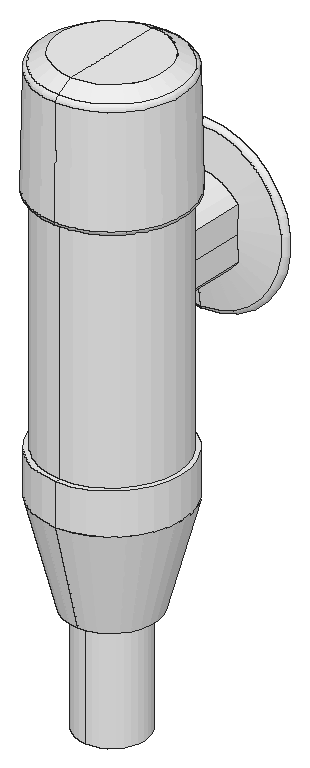
Revit family "PRD_FrankeWS_WCFlshngVlvs_WCFlushingValve_AQRM550", category Plumbing Fixtures, Revit 2018
Family settings
  Round Connector Dimension = Use Diameter
  Part Type = Normal
  OmniClass Number = 23.45.05.14.99
  OmniClass Title = Other Sanitary Washing Plumbing Fixtures
  Work Plane-Based = Yes
  Always vertical = Yes
  Cut with Voids When Loaded = No
  Shared = No
  Room Calculation Point = No
Parameters (values of type "AQRM550")
  WarrantyStartDate [instance] = "1900-12-31T23:59:59"
  WarrantyGuarantorParts = "n/a"
  WarrantyGuarantorLabor = "n/a"
  WarrantyDurationUnit = "year"
  WarrantyDurationParts = "n/a"
  WarrantyDurationLabor = "n/a"
  WarrantyDescription = "n/a"
  Version = "1"
  Uniclass2015Version = "Products v1.17"
  Uniclass2015Title = "WC flushing valves"
  Uniclass2015Code = "Pr_40_20_93_91"
  URL = "www.kwc.com"
  TypeOfOperation = "Manual operation"
  TypeOfMounting = "Wall mounting"
  TypeOfFlushingFitting = "WC flush valve"
  TagNumber [instance] = "n/a"
  SustainabilityPerformance = "n/a"
  SurfaceFinishFitting = "Chromed"
  SoundInsulation = "1"
  Size = "n/a"
  Shape = "n/a"
  SerialNumber [instance] = "n/a"
  Revision = "n/a"
  ReplacementCost = "n/a"
  ProtectiveShutdown = "No"
  ProductInformation = "https://pim.kwc.com/product/2000100076/attachment/datasheet?locale=en"
  OutletSize = "DN-20-3-4INH"
  NominalWidth = 0 mm
  NominalHeight = 0 mm
  NominalDepth = 0 mm
  NetWeight = 1.20 kg
  Name = "WC flushing valve AQRM550"
  NBSTypeID = "n/a"
  NBSReference = "45-35-70/389"
  NBSOfficeMasterTag = "n/a"
  NBSNote = "n/a"
  NBSDescription = "WC flushing valves"
  NBSCertification = "n/a"
  ModelReference = "AQRM550"
  ModelNumber = "2000100076"
  Model = ModelReference  # "AQRM550"
  MinimumFlushingFlow = "1.00 liter per second"
  MinimumFlushWaterVolume = "6.00 liter"
  MinimumFlowPressure = "1.20 bar"
  MaximumFlushingFlow = "1.30 liter per second"
  MaximumFlushWaterVolume = "9.00 liter"
  MaximumFlowPressure = "4.00 bar"
  Material = "brass"
  ManufacturerURL = "www.kwc.com"
  ManufacturerName = "KWC Group AG"  # constant formula
  Manufacturer = ManufacturerName  # "KWC Group AG"
  IsHighPressure = no
  IntegralAccessories = "n/a"
  InstallationDate [instance] = "1900-12-31T23:59:59"
  InletSize = "n/a"
  IfcExportType = "FLUSHING"
  IfcExportAs = "IfcValveType"
  HasIntegralShutOffDevice = yes
  GrossWeight = 1.26 kg
  Grade = "n/a"
  FunctionalPrinciple = "Hydraulic self-closing"
  FlushingRate = 1.3 L/s
  FlushValveMaterial = PRD_AR_ChromatedBrass_HighPolished
  FlowColdWater = 1.0 L/s
  Finish = "chromed"
  Features = "in polished chromium-plated brass, push cap and screw fitting made of metal"
  ExpectedLife = "n/a"
  DurationUnit = "year"
  DiameterNominal = 20.0 mm
  Description = "AQUAREX WC flush valve DN 20, noise group I, for surface installation, with automatic volume flow control and adjustable flushing water volume, in polished chromium-plated brass, push cap and screw fitting made of metal."
  Default Elevation = 1219.2 mm
  CreatedOn = "04/2021"  # constant formula
  Constituents = "n/a"
  Color = "n/a"
  CodePerformance = "n/a"
  Category = "Pr_40_20_93_91, WC flushing valves"
  CalculationFlowRateColdWater = "1.00 liter per second"
  BarCode [instance] = "n/a"
  BIMObjectName = "PRD_AR_WCFlushingValves_WCFlushingValve_AQRM550"
  Author = "Archispace"  # constant formula
  AssetType = "Fixed"
  AssetIdentifier [instance] = "n/a"
  AccessibilityPerformance = "n/a"
Reference planes
  plane 1 "Center (Front/Back)": y = 0
  plane 2: z = 0
  plane 3 "Center (Left/Right)": x = 0
Forms (mm)
  Revolve 1, solid, material "PRD_AR_ChromatedBrass_HighPolished" <- "FlushValveMaterial", detail levels fine
    sketch origin (0, 0, 0) x (0, 1, 0) y (0, 0, 1)
      loop
        line (-45, 75.09) -> (-45, -158.5) -> (-32.35, -158.5) -> (-32.35, -116.497) -> (-28.499, -116.497) -> (-18, -77.313) -> (-18, -61.5) -> (-20, -61.5) -> (-20, 26.99) -> (-18.776, 26.99)
        arc (-18.776, 26.99) -> (-17.707, 27.438) -> (-17.277, 28.516) r 1.5
        line (-17.277, 28.516) -> (-17.993, 69.545)
        arc (-17.993, 69.545) -> (-18.338, 70.769) -> (-19.242, 71.665) r 2.498
        line (-19.242, 71.665) -> (-25.173, 75.09) -> (-45, 75.09)
      axis (-45, 75.09) -> (-45, -158.5)
    angle from 0 to 360
  Revolve 2, solid, material "PRD_AR_ChromatedBrass_HighPolished" <- "FlushValveMaterial", detail levels fine
    sketch origin (0, 0, 0) x (0, 1, 0) y (0, 0, 1)
      loop
        line (0, 0) -> (0, 33)
        arc (0, 33) -> (-1.29, 32.528) -> (-1.972, 31.335) r 2
        line (-1.972, 31.335) -> (-5, 13.5) -> (-5, 0) -> (0, 0)
      axis (-5, 0) -> (0, 0)
    angle from 0 to 360
  Extrusion 3, solid, material "PRD_AR_ChromatedBrass_HighPolished" <- "FlushValveMaterial", detail levels fine
    sketch origin (0, 0, 0) x (1, 0, 0) y (0, 0, 1)
      loop
        line (-16, 0) -> (-16, -10)
        arc (-16, -10) -> (0, -18) -> (16, -10) r 20
        line (16, -10) -> (16, 0) -> (16, 10)
        arc (16, 10) -> (0, 18) -> (-16, 10) r 20
        line (-16, 10) -> (-16, 0)
    from 0 to 56.435
  Extrusion 4, solid, material "PRD_AR_ChromatedBrass_HighPolished" <- "FlushValveMaterial", detail levels medium
    sketch origin (0, 0, 0) x (1, 0, 0) y (0, 0, 1)
      loop
        line (-18, 18) -> (-18, -18) -> (18, -18) -> (18, 18) -> (-18, 18)
    from 0 to 57.179
  Extrusion 5, solid, material "PRD_AR_ChromatedBrass_HighPolished" <- "FlushValveMaterial", detail levels coarse
    sketch origin (0, 0, 0) x (0, 1, 0) y (0, 0, 1)
      loop
        line (-72.723, -158.5) -> (0, -158.5) -> (0, 75.09) -> (-72.723, 75.09) -> (-72.723, -158.5)
    from -33 to 33
  Revolve 6, solid, material "PRD_AR_ChromatedBrass_HighPolished" <- "FlushValveMaterial", detail levels medium
    sketch origin (0, 0, 0) x (0, 1, 0) y (0, 0, 1)
      loop
        line (-45, 75.09) -> (-45, -158.5) -> (-32.35, -158.5) -> (-32.35, -116.497) -> (-28.499, -116.497) -> (-18, -77.313) -> (-18, 75.09) -> (-45, 75.09)
      axis (-45, 75.09) -> (-45, -158.5)
    angle from 0 to 360
  Extrusion 7, void
    sketch origin (0, 0, 0) x (0, 1, 0) y (0, 0, 1)
      loop
        line (-20, -60.5) -> (-18, -60.5) -> (-18, -35.5) -> (-20, -35.5)
        arc (-20, -35.5) -> (-23.254, -48) -> (-20, -60.5) r 25.635
    from -30 to 30
Cuts and joins
  Extrusion 7 cuts Revolve 1
  joined: Revolve 1, Revolve 2, Extrusion 3
Dimensions and locks
  aligned and locked: level to plane 2
Connectors
  piping at (0, 0, 0), diameter 20, driven by "DiameterNominal"
    settings: on cut or joined group of Revolve 1, Revolve 2, Extrusion 3, Extrusion 7, index 1, connector inside diameter 609.6 mm, connector length 0 mm, flow factor 0, pipe flow 0.0 L/s, pressure drop 0.0 Pa, fitting loss kfactor 0, connector angle 0.00°, fixture units 0, engagement length 0 mm, angle of deflection 0.00°, flow configuration 0, flow direction 1, fitting loss method 0, system type 20, joint type 0, gender type 0, connector reference index -1, connector utility 0, adjustable connector no, is connector primary yes, connector description ""
